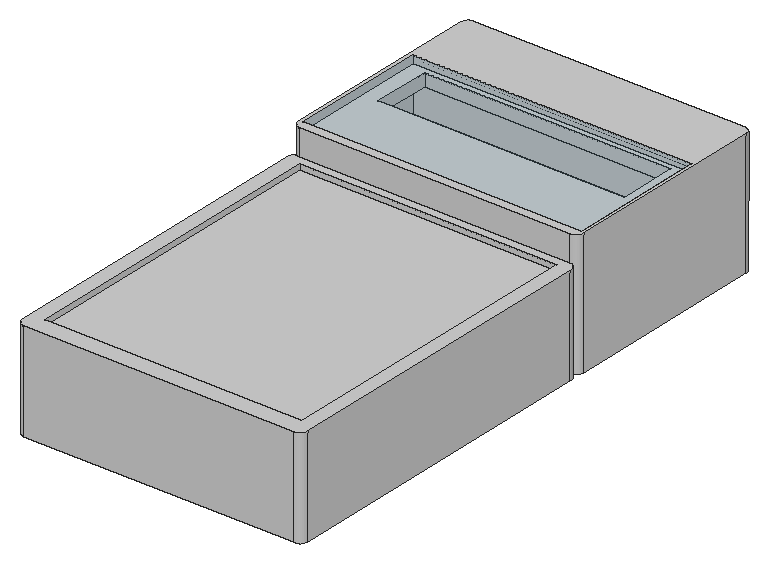
Revit family "Building-QuadriIEC309-GEWISS-68QDIN-QUADRI-10MOD_CIECO", category Apparecchi elettrici, host Superficie, Revit 2019
Family settings
  Host = Superficie
  Mantenere orientamento annotazione = Sì
  Quota connettore circolare = Usa diametro
  Tipo di parte = Normale
  Taglio con vuoti quando caricato = No
  Condiviso = No
  Punto di calcolo locali = Sì
Parameters (values of type "GW68002N - Q-DIN 10M COP.435x220x95 CIECO IP65")
  visibilita posizionamento 2d [instance] = yes
  simbolo 2d [instance] = yes
  oggetto in pianta [instance] = not(visibilita posizionamento 2d)  # no
  distanza_simbolo [instance] = 0.1 mm
  bordo acceso [instance] = yes
  Visibilità sportello [instance] = yes
  Versione file RFA = "21.5"
  VETRO = Vetro
  URL = "https://www.gewiss.com/it/it"
  Tipologia di installazione = "Da parete"
  Tipo versione = "Vuoto"
  Termopressione con biglia = "70 °C"
  Temperatura di utilizzo = "-25 +40 °C"
  Spostamento_effettivo_S [instance] = 4000 mm - Spostamento_S  # 3000 mm
  Spostamento_S = 1000 mm
  Simbolo_quadro [instance] = not(simbolo 2d)  # no
  Scheda Tecnica = "https://www.gewiss.com/it/it/search?q=GW68002N"
  STRUTTURA ALTA = Poche
  STRUTTURA = RAL - 7035
  SEO = "Quadretto"
  Resistenza agli urti = "IK09"
  Default Elevation = 1219.2 mm
  Produttore = "GEWISS S.p.A."
  Potenza dissipabile B (W) = "42"
  Potenza dissipabile A (W) = "16"
  PRESA = rosso
  POMELLO = bianco
  N_Moduli = 10 mm
  N. prese alloggiabili = "Coperchio cieco"
  N. mod. EN 50022 = "10"
  N. coperchi ciechi in dotazione = "-"
  Modello = "GW68002N"
  L_Moduli = N_Moduli * 19  # 190 mm
  Immagine tipo = GW68002N.jpg
  IDT = "5251850b-27dc-44a4-affc-d4abd1ca87ad"
  IDF = "c533e019-ba37-4a19-9ae4-4be5e6184290"
  Grado di protezione = "IP65"
  Glow Wire Test = "650°C"
  Descrizione = "Q-DIN 10M COP.435x220x95 CIECO IP65"
  Creato da GEWISS S.p.A. = ""
  ConformitÃ  normativa = "EN 60208 - EN 60670-1 - IEC 60670-24"
  Colore = "Grigio RAL 7035"
  Codice Electrocod = "2242"
  Codice EAN = "8011564744738"
  Classe isolamento = "II"
  Catalogo Serie = "68 QDIN"
  Catalogo = "BUILDING"
  COBie.Tagnumber = ""
  COBie.CreatedOn = ""
  COBie.CreatebBy = ""
  COBie.ComponentRegisterItemID = ""
  COBie.Component.TagNumber = ""
  COBie.Component.Space = ""
  COBie.Component.SerialNumber = ""
  COBie.Component.InstallationDate = ""
  COBie.Component.Description = ""
  COBie.Component.BarCode = ""
Reference planes
  plane 1 "Centro (Fronte/Retro)": y = 0
  plane 2: z = 0
  plane 3 "Centro (Sinistra/Destra)": x = 0
  plane 4: x = -3000
  plane 5: x = 0
Forms (mm)
  Extrusion 1, solid, material "RAL - 7035" <- "STRUTTURA", detail levels coarse
    sketch origin (0, 0, 0) x (0, 1, 0) y (0, 0, 1)
      loop
        line (0, 0) -> (434, 0) -> (434, 93.422) -> (0, 93.422) -> (0, 0)
    from -110 to 110
Lines and regions (mm)
  Masking region 1, visible <- "visibilita posizionamento 2d"
    outline origin (0, 0, 0) x (1, 0, 0) y (0, 0, 1)
      loop
        line (-110, 96) -> (-110, 0) -> (110, 0) -> (110, 96) -> (-110, 96)
Dimensions and locks
  plane 4 to plane 3 "Centro (Sinistra/Destra)" = 3000 mm
  "Spostamento_effettivo_S": plane 4 to plane 5
  aligned and locked: plane 2 to host face
  aligned and locked: level to host face
  aligned and locked: nested 1 to plane 5
  aligned and locked: plane 3 "Centro (Sinistra/Destra)" to nested 2
  aligned and locked: nested 3 to plane 5
  aligned and locked: Masking region 1 sketch curve to nested 2
  aligned and locked: plane 1 "Centro (Fronte/Retro)" to nested 2
  aligned and locked: Extrusion 1 to nested 2  (x3)
  aligned and locked: Masking region 1 to Extrusion 1  (x2)
  aligned and locked: Masking region 1 to level
Automatic sketch dimensions
  host sketch curve to host sketch curve = 2438.4 mm  (x2)
  Masking region 1 sketch curve to plane 3 "Centro (Sinistra/Destra)" = 110 mm
  Masking region 1 sketch curve to Masking region 1 sketch curve = 96 mm
  Extrusion 1 sketch curve to plane 1 "Centro (Fronte/Retro)" = 0 mm
  Extrusion 1 sketch curve to level = 0 mm
  level to Extrusion 1 sketch curve = 93.422 mm
  Extrusion 1 sketch curve to plane 1 "Centro (Fronte/Retro)" = 434 mm
  plane 3 "Centro (Sinistra/Destra)" to Masking region 1 sketch curve = 110 mm
Nested families
  nested 1: "CENTRALINO" at (0, 737.795, 0), BORDO ACCESO <- "bordo acceso", SIMBOLO ACCESO <- "simbolo 2d", Distanza dal muro <- "distanza_simbolo", visible <- "simbolo 2d", type "CENTRALINO"
    with SIMBOLO ACCESO yes, Distanza dal muro 0.1 mm, BORDO ACCESO yes
  nested 2: "68QDIN10 QUADRO DISTRIBUZ VUOTO_base" at (0, 266, 0), Visibilità sportello <- "Visibilità sportello", type "68QDIN10 QUADRO DISTRIBUZ VUOTO_base", detail levels medium+fine
  nested 3: "simb_CENTRALINO_BASE_cad pro" at (0, 737.795, 0), Distanza dal muro <- "distanza_simbolo", visible <- "Simbolo_quadro", SIMBOLO ACCESO <- "Simbolo_quadro", type "simb_CENTRALINO_BASE_cad pro"
    with SIMBOLO ACCESO no, Distanza dal muro 0.1 mm, BORDO ACCESO yes
Definition of nested family "68QDIN10 QUADRO DISTRIBUZ VUOTO_base"
  Parameters (values of type "68QDIN10 QUADRO DISTRIBUZ VUOTO_base")
    Visibilità sportello [instance] = yes
    Vetro = none
    Struttura = none
    Spessore = 96 mm
    Default Elevation = 14 mm
    Presa = none
    Lunghezza = 220 mm
    L_Moduli = 19 mm * 10  # 190 mm
    LARGHEZZA = 105 mm
    IFC.TypeObject = ""
    IFC.ExportType = ""
    IFC.ExportAs = ""
    H_da terra = 589.057 mm
    COBie.CreatedOn = ""
    COBie.CreatebBy = ""
    COBie.ComponentRegisterItemID = ""
    COBie.Component.TagNumber = ""
    COBie.Component.Space = ""
    COBie.Component.SerialNumber = ""
    COBie.Component.InstallationDate = ""
    COBie.Component.Description = ""
    COBie.Component.BarCode = ""
    Altezza scatole = 120 mm
    Altezza quadro = 138 mm
    Altezza = 258 mm
  Reference planes
    plane 1 "Centro (Fronte/Retro)": y = 0
    plane 2: z = 0
    plane 3 "Centro (Sinistra/Destra)": x = 0
    plane 4: x = -110
    plane 5: x = 110
    plane 6: z = 76.196
    plane 7: x = -107.597
    plane 8: x = 107.589
    plane 9: z = 80.196
    plane 10: y = -7
    plane 11: y = -251.926
    plane 12: y = 7
    plane 13: y = 113
    plane 14: y = 168
    plane 15: y = -266
    plane 16 "posizione modulari": z = 90
    plane 17: z = 96
    plane 18: y = 108.5
    plane 19: y = 63.5
    plane 20: z = 93.422
    plane 21: z = 55.273
    plane 22: y = 86
    plane 23: z = 72.007
    plane 24: y = 63.5
    plane 25: x = -95
    plane 26: x = 95
  Forms (mm)
    Extrusion 1, solid, material <- "Struttura"
      sketch origin (0, -731.701, 0) x (1, 0, 0) y (0, 1, 0)
        loop
          arc (-103.994, 899.701) -> (-108.241, 897.942) -> (-110, 893.695) r 6.006
          line (-110, 893.695) -> (-110, 737.707)
          arc (-110, 737.707) -> (-108.241, 733.46) -> (-103.994, 731.701) r 6.006
          line (-103.994, 731.701) -> (103.994, 731.701)
          arc (103.994, 731.701) -> (108.241, 733.46) -> (110, 737.707) r 6.006
          line (110, 737.707) -> (110, 893.695)
          arc (110, 893.695) -> (108.241, 897.942) -> (103.994, 899.701) r 6.006
          line (103.994, 899.701) -> (-103.994, 899.701)
      from 0 to 96
    Extrusion 2, solid, material <- "Struttura"
      sketch origin (0, -731.701, 0) x (1, 0, 0) y (0, 1, 0)
        loop
          line (102.45, 731.701) -> (-106.38, 731.701)
          arc (-106.38, 731.701) -> (-108.94, 730.641) -> (-110, 728.081) r 3.62
          line (-110, 728.081) -> (-110, 471.707)
          arc (-110, 471.707) -> (-108.241, 467.46) -> (-103.994, 465.701) r 6.006
          line (-103.994, 465.701) -> (103.994, 465.701)
          arc (103.994, 465.701) -> (108.241, 467.46) -> (110, 471.707) r 6.006
          line (110, 471.707) -> (110, 724.151)
          arc (110, 724.151) -> (107.789, 729.489) -> (102.45, 731.701) r 7.55
      from 0 to 76.196
    Extrusion 3, void
      sketch origin (0, -731.701, 0) x (1, 0, 0) y (0, 1, 0)
        loop
          line (-107.597, 844.701) -> (-107.597, 738.701) -> (107.589, 738.701) -> (107.589, 844.701) -> (-107.597, 844.701)
      from 55.273 to 96
    Extrusion 4, solid, material <- "Struttura"
      sketch origin (0, -731.701, 0) x (1, 0, 0) y (0, 1, 0)
        loop
          line (-107.597, 844.701) -> (-107.597, 738.701) -> (107.589, 738.701) -> (107.589, 844.701) -> (-107.597, 844.701)
      from 80.196 to 90
    Extrusion 5, void
      sketch origin (0, -731.701, 0) x (1, 0, 0) y (0, 1, 0)
        loop
          line (-99, 724.701) -> (-99, 479.775) -> (99, 479.775) -> (99, 724.701) -> (-99, 724.701)
      from 72.007 to 76.196
    Extrusion 6, solid, material <- "Vetro", visible <- "Visibilità sportello"
      sketch origin (0, 0, 0) x (1, 0, 0) y (0, 1, 0)
        loop
          line (-107.597, 7) -> (107.589, 7) -> (107.589, 113) -> (-107.597, 113) -> (-107.597, 7)
      from 93.422 to 96
    Extrusion 7, void
      sketch origin (0, 0, 0) x (1, 0, 0) y (0, 1, 0)
        loop
          line (-95, 108.5) -> (-95, 63.5) -> (95, 63.5) -> (95, 108.5) -> (-95, 108.5)
      from 55.273 to 90
  Cuts and joins
    Extrusion 3, Extrusion 7 cuts Extrusion 1
    Extrusion 7 cuts Extrusion 6
    Extrusion 7 cuts Extrusion 4
    Extrusion 5 cuts Extrusion 2
  Lines and regions (mm)
    symbolic lines
      curve 1: line (-99, 86, 90) -> (99, 86, 90)
    model lines
      curve 2: line (-99, 86, 90) -> (99, 86, 90)
  Dimensions and locks
    equal spacing: plane 4, plane 3 "Centro (Sinistra/Destra)", plane 5  (x2)
    "Lunghezza": plane 4 to plane 5
    locked: plane 4 to plane 7 at 2.403
    locked: plane 8 to plane 5 at 2.411
    plane 4 to plane 5 = 220 mm
    Extrusion 5 to Extrusion 5 = 244.926 mm
    plane 1 "Centro (Fronte/Retro)" to plane 14 = 168 mm
    plane 15 to plane 1 "Centro (Fronte/Retro)" = 266 mm
    locked: plane 1 "Centro (Fronte/Retro)" to plane 10 at 7
    locked: plane 6 to plane 9 at 4
    plane 9 to level = 80.196 mm
    locked: plane 17 to plane 16 "posizione modulari" at 6
    plane 17 to plane 6 = 19.804 mm
    plane 14 to plane 13 = 55 mm
    locked: plane 13 to plane 12 at 106
    locked: plane 17 to plane 20 at 2.578
    locked: plane 18 to plane 14 at 59.5
    locked: plane 18 to plane 19 at 45
    locked: plane 6 to plane 21 at 20.923
    locked: plane 23 to plane 6 at 4.189
    equal spacing: plane 18, plane 22, plane 24
    equal spacing: plane 25, plane 3 "Centro (Sinistra/Destra)", plane 26
    "L_Moduli": plane 25 to plane 26
    aligned and locked: level to plane 2
    aligned and locked: Extrusion 1 sketch curve to plane 5
    aligned and locked: Extrusion 1 sketch curve to plane 4
    aligned and locked: Extrusion 2 sketch curve to plane 5
    aligned and locked: Extrusion 2 sketch curve to plane 4
    aligned and locked: plane 6 to Extrusion 2
    aligned and locked: Extrusion 3 sketch curve to plane 8
    aligned and locked: Extrusion 3 sketch curve to plane 7
    aligned and locked: Extrusion 4 sketch curve to plane 8
    aligned and locked: Extrusion 4 sketch curve to plane 7
    aligned and locked: Extrusion 4 to plane 9
    aligned and locked: plane 1 "Centro (Fronte/Retro)" to Extrusion 1 sketch curve
    aligned and locked: Extrusion 2 sketch curve to plane 1 "Centro (Fronte/Retro)"
    aligned and locked: plane 14 to Extrusion 1 sketch curve
    aligned and locked: plane 15 to Extrusion 2 sketch curve
    aligned and locked: Extrusion 5 sketch curve to plane 10
    aligned and locked: Extrusion 5 sketch curve to plane 11
    aligned and locked: plane 16 "posizione modulari" to Extrusion 4
    aligned and locked: plane 13 to cut or joined group of Extrusion 1, Extrusion 3, Extrusion 7
    aligned and locked: Extrusion 3 to plane 12
    aligned and locked: Extrusion 6 sketch curve to plane 7
    aligned and locked: Extrusion 6 sketch curve to plane 13
    aligned and locked: Extrusion 6 sketch curve to plane 8
    aligned and locked: Extrusion 6 sketch curve to plane 12
    aligned and locked: Extrusion 6 to plane 20
    aligned and locked: plane 17 to Extrusion 6
    aligned and locked: Extrusion 4 sketch curve to plane 13
    aligned and locked: plane 12 to Extrusion 4 sketch curve
    aligned and locked: Extrusion 7 sketch curve to plane 18
    aligned and locked: Extrusion 7 sketch curve to plane 19
    aligned and locked: cut or joined group of Extrusion 1, Extrusion 3, Extrusion 7 to plane 21
    aligned and locked: Extrusion 7 to plane 21
    aligned and locked: plane 16 "posizione modulari" to Extrusion 7
    aligned and locked: curve 2 to plane 22
    aligned and locked: Extrusion 5 to plane 23
    aligned and locked: Extrusion 5 to plane 6
    aligned and locked: plane 25 to Extrusion 7 sketch curve
    aligned and locked: plane 26 to Extrusion 7 sketch curve
  Automatic sketch dimensions
    Extrusion 2 sketch curve to plane 7 = 1.217 mm
    plane 8 to Extrusion 2 sketch curve = 5.139 mm
    Extrusion 3 sketch curve to plane 1 "Centro (Fronte/Retro)" = 7 mm
    Extrusion 3 sketch curve to plane 1 "Centro (Fronte/Retro)" = 113 mm
    Extrusion 1 sketch curve to plane 12 = 0.994 mm
    Extrusion 1 sketch curve to plane 7 = 3.603 mm
    Extrusion 2 sketch curve to plane 7 = 3.603 mm
    Extrusion 5 sketch curve to plane 7 = 8.597 mm
    curve 1 to plane 7 = 8.597 mm
    plane 8 to Extrusion 1 sketch curve = 3.595 mm  (x2)
    plane 8 to Extrusion 2 sketch curve = 3.595 mm
    plane 8 to Extrusion 5 sketch curve = 8.589 mm
    plane 8 to curve 2 = 8.589 mm
Definition of nested family "CENTRALINO"
  Parameters (values of type "CENTRALINO")
    SIMBOLO ACCESO [instance] = yes
    Distanza dal muro [instance] = 0 mm
    BORDO ACCESO [instance] = yes
  Reference planes
    plane 1: y = 0
    plane 2: x = 0
  Dimensions and locks
    "Distanza dal muro": plane 1 to nested 1
    aligned and locked: plane 2 to nested 1
  Nested families
    nested 1: "CENTRALINO_BASE" at (0, 0, 0), BORDO ACCESO <- "BORDO ACCESO", visible <- "SIMBOLO ACCESO", type "CENTRALINO"
      with BORDO ACCESO yes
  Definition of nested family "CENTRALINO_BASE"
    Parameters (values of type "CENTRALINO")
      Distanza dal muro = 0 mm
      BORDO ACCESO [instance] = yes
    Reference planes
      plane 1: y = 0
      plane 2: x = 0
    Lines and regions (mm)
      detail lines, visible <- "BORDO ACCESO", not visible
        curve 1: line (-2.443, 10.208, 0) -> (2.057, 10.208, 0)
        curve 2: line (2.057, 10.208, 0) -> (2.057, 4.208, 0)
        curve 3: line (2.057, 4.208, 0) -> (-2.443, 4.208, 0)
        curve 4: line (-2.443, 4.208, 0) -> (-2.443, 10.208, 0)
        curve 5: line (-2.043, 9.808, 0) -> (1.657, 9.808, 0)
        curve 6: line (1.657, 9.808, 0) -> (1.657, 4.608, 0)
        curve 7: line (1.657, 4.608, 0) -> (-2.043, 4.608, 0)
        curve 8: line (-2.043, 4.608, 0) -> (-2.043, 9.808, 0)
      detail lines
        curve 9: line (0, 0.671, 0) -> (0, 0, 0)
        curve 10: line (0.659, 0.671, 0) -> (0.659, 1.33, 0)
        curve 11: line (0.659, 1.33, 0) -> (-0.659, 1.33, 0)
        curve 12: line (-0.659, 1.33, 0) -> (-0.659, 0.671, 0)
        curve 13: line (-0.659, 0.671, 0) -> (0.659, 0.671, 0)
        curve 14: line (0.497, 1.33, 0) -> (0.497, 2, 0)
        curve 15: line (0.167, 1.33, 0) -> (0.167, 2, 0)
        curve 16: line (-0.162, 1.33, 0) -> (-0.162, 2, 0)
        curve 17: line (-0.491, 1.33, 0) -> (-0.491, 2, 0)
Definition of nested family "simb_CENTRALINO_BASE_cad pro"
  Parameters (values of type "simb_CENTRALINO_BASE_cad pro")
    SIMBOLO ACCESO [instance] = yes
    Distanza dal muro [instance] = 0 mm
    BORDO ACCESO [instance] = yes
  Reference planes
    plane 1: y = 0
    plane 2: x = 0
  Dimensions and locks
    "Distanza dal muro": plane 1 to nested 1
    aligned and locked: plane 2 to nested 1
  Nested families
    nested 1: "CENTRALINO_BASE_cad pro" at (0, 0, 0), type "CENTRALINO"
  Definition of nested family "CENTRALINO_BASE_cad pro"
    Parameters (values of type "CENTRALINO")
      Distanza dal muro = 0 mm
    Reference planes
      plane 1: y = 0
      plane 2: x = 0
    Lines and regions (mm)
      detail lines
        curve 1: line (1.33, 1.33, 0) -> (2.109, 1.33, 0)
        curve 2: line (2.109, 1.33, 0) -> (2.109, 0, 0)
        curve 3: line (2.109, 0, 0) -> (1.33, 0, 0)
        curve 4: line (1.33, 0, 0) -> (-1.33, 1.33, 0)
        curve 5: line (-1.33, 1.33, 0) -> (1.33, 1.33, 0)
        curve 6: line (1.33, 1.33, 0) -> (1.33, 0, 0)
        curve 7: line (1.33, 0, 0) -> (-1.33, 0, 0)
        curve 8: line (-1.33, 0, 0) -> (-1.33, 1.33, 0)
        curve 9: line (1.461, 0.665, 0) -> (1.977, 0.665, 0)
        curve 10: line (1.719, 0.665, 0) -> (1.719, 1.01, 0)
        curve 11: arc (1.977, 0.406, 0) -> (1.719, 0.665, 0) -> (1.461, 0.406, 0) r 0.258
